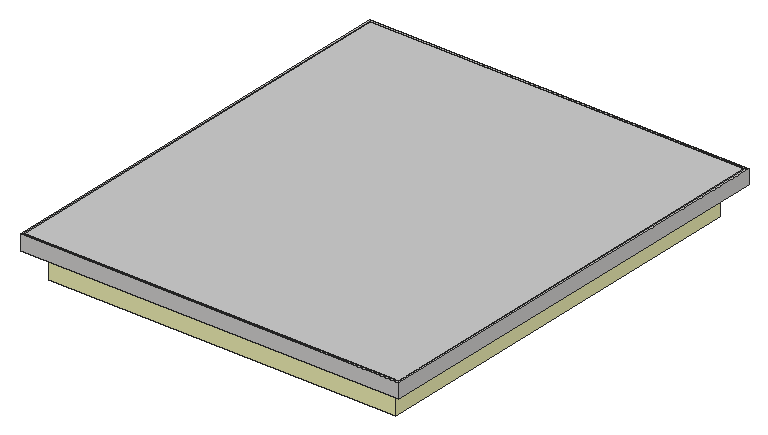
Revit family "NLRS_33_GM_FB_TC_STORAX_vloerluik_VLB_BCB", category Generic Models, host Face, Revit 2014
Parameters (values of type "VLB 86")
  vergrendeling = "nee"  # constant formula
  uitwendige_lengte = 749 mm
  uitwendige_breedte = 649 mm
  sluiting = "0"  # constant formula
  scharnierend = "nee"  # constant formula
  rubberen_afdichting = "enkel"  # constant formula
  productgroep = "Vloerluiken"  # constant formula
  materiaal = bcb_rvs
  inbouwhoogte [instance] = 75 mm
  geïsoleerd = "ja"  # constant formula
  gewicht = ""
  gasdrukveer = "nee"  # constant formula
  brandwerend 90 min = "nee"  # constant formula
  binnenmaat_lengte = uitwendige_lengte - 54 mm  # 695 mm
  binnenmaat_breedte = uitwendige_breedte - 54 mm  # 595 mm
  belasting = "300 kg"  # constant formula
  URL = "http://www.storax.nl/producten/Staal/181/Type-BV"
  Model = "BV"  # constant formula
  Manufacturer = "Storax"  # constant formula
  Default Elevation = 0 mm
Types (5, lengths in mm): name | uitwendige_lengte | uitwendige_breedte | gewicht | binnenmaat_lengte | binnenmaat_breedte
  (no name) | 749 | 649 | "" | 695 | 595
  maatwerk | 649 | 449 | "10" | 595 | 395
  VLB 64 | 649 | 449 | "" | 595 | 395
  VLB 75 | 749 | 549 | "" | 695 | 495
  VLB 86 | 749 | 649 | "" | 695 | 595
Reference planes
  plane 1 "Center (Front/Back)": y = 0
  plane 2: z = 0
  plane 3 "Center (Left/Right)": x = 0
  plane 4: y = 374.5
  plane 5: y = -374.5
  plane 6: x = 324.5
  plane 7: x = -324.5
  plane 8: z = -75
  plane 9: x = -320.5
  plane 10: y = 370.5
  plane 11: y = -370.5
  plane 12: x = 320.5
  plane 13: x = 297.5
  plane 14: x = -297.5
  plane 15: y = -347.5
  plane 16: y = 347.5
Forms (mm)
  Extrusion 1, solid, material "bcb_houtvezel"
    sketch origin (0, 0, 0) x (1, 0, 0) y (0, 1, 0)
      loop
        line (-320.5, 370.5) -> (-320.5, -370.5) -> (320.5, -370.5) -> (320.5, 370.5) -> (-320.5, 370.5)
    from -22 to 0
  Sweep 2, solid, material "bcb_rvs" <- "materiaal"
    path origin (0, 0, 0) x (1, 0, 0) y (0, 1, 0)
      loop
        line (-324.5, 374.5) -> (-324.5, -374.5) -> (324.5, -374.5) -> (324.5, 374.5) -> (-324.5, 374.5)
    profile origin (-324.5, 0, 0) x (-1, 0, 0) y (0, 0, 1)
      loop
        line (0, 0) -> (-2.494, 0) -> (-2.494, -22.5) -> (-24.994, -22.5) -> (-24.994, -25) -> (0, -25) -> (0, 0)
  Extrusion 3, solid, material "bcb_polystyreen"
    sketch origin (0, 0, 0) x (1, 0, 0) y (0, 1, 0)
      loop
        line (-297.5, 347.5) -> (-297.5, -347.5) -> (297.5, -347.5) -> (297.5, 347.5) -> (-297.5, 347.5)
    from -72 to -22
  Sweep 4, void
    path origin (0, 0, 0) x (1, 0, 0) y (0, 1, 0)
      loop
        line (-324.5, 374.5) -> (-324.5, -374.5) -> (324.5, -374.5) -> (324.5, 374.5) -> (-324.5, 374.5)
    profile origin (-324.5, 0, 0) x (-1, 0, 0) y (0, 0, 1)
      loop
        line (0, 15) -> (-80, 15) -> (-80, -330) -> (-27, -330) -> (-27, -25) -> (0, -25) -> (0, 15)
  Extrusion 5, void
    sketch origin (0, 0, 0) x (1, 0, 0) y (0, 1, 0)
      loop
        line (-244.5, 294.5) -> (-244.5, -294.5) -> (244.5, -294.5) -> (244.5, 294.5) -> (-244.5, 294.5)
    from -330 to 15
Text (mm)
  text "Indien u deze familie geopend hebt vanuit het project via Edit Family: Niet Opslaan!\n\nOpen de familie via File - Open Family om de familie aan te passen.\n\n\n\nMocht u zelf aanpassingen willen aanbrengen in een type van de family, \n\npak dan het type maatwerk en neem contact op met Storax." at (-0.374, 589.999, 0), in view "Ref. Level"
Dimensions and locks
  equal spacing: plane 7, plane 3 "Center (Left/Right)", plane 6
  "uitwendige_breedte": plane 7 to plane 6
  equal spacing: plane 4, plane 1 "Center (Front/Back)", plane 5
  "uitwendige_lengte": plane 4 to plane 5
  locked: plane 4 to plane 10 at 4
  locked: plane 7 to plane 9 at 4
  locked: plane 12 to plane 6 at 4
  locked: plane 5 to plane 11 at 4
  locked: plane 9 to plane 14 at 23
  locked: plane 13 to plane 12 at 23
  locked: plane 11 to plane 15 at 23
  locked: plane 10 to plane 16 at 23
  aligned and locked: plane 2 to host face
  aligned and locked: level to host face
  aligned and locked: Extrusion 1 sketch curve to plane 11
  aligned and locked: plane 12 to Extrusion 1 sketch curve
  aligned and locked: plane 9 to Extrusion 1 sketch curve
  aligned and locked: Extrusion 1 sketch curve to plane 10
  aligned and locked: plane 7 to Sweep 2 sketch curve
  aligned and locked: plane 5 to Sweep 2 sketch curve
  aligned and locked: Sweep 2 sketch curve to plane 6
  aligned and locked: Sweep 2 sketch curve to plane 4
  aligned and locked: Extrusion 3 sketch curve to plane 16
  aligned and locked: Extrusion 3 sketch curve to plane 13
  aligned and locked: Extrusion 3 sketch curve to plane 15
  aligned and locked: plane 14 to Extrusion 3 sketch curve
  aligned and locked: Sweep 4 sketch curve to Sweep 2  (x4)
  aligned and locked: Extrusion 5 sketch curve to Sweep 4  (x4)
Automatic sketch dimensions
  host sketch curve to host sketch curve = 2000 mm  (x2)
  Sweep 2 sketch curve to level = 0 mm
  Sweep 2 sketch curve to profile plane = 0 mm
  profile plane to Sweep 2 sketch curve = 2.494 mm
  Sweep 2 sketch curve to Sweep 2 sketch curve = 22.5 mm
  Sweep 2 sketch curve to level = 22.5 mm
  Sweep 2 sketch curve to Sweep 2 sketch curve = 2.5 mm
  Sweep 4 sketch curve to profile plane = 0 mm
  profile plane to Sweep 4 sketch curve = 27 mm
  Sweep 4 sketch curve to Sweep 4 sketch curve = 53 mm
  Sweep 4 sketch curve to level = 330 mm
  Sweep 4 sketch curve to level = 25 mm
  level to Sweep 4 sketch curve = 15 mm
